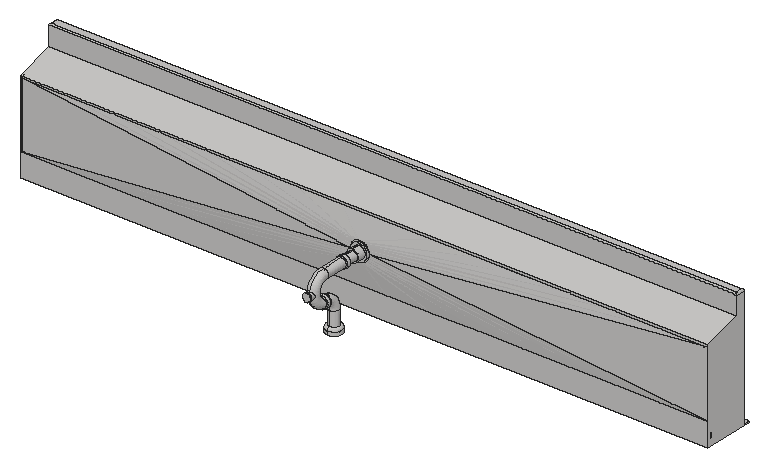
Revit family "SW390", category Plumbing Fixtures, host Face, Revit 2022
Family settings
  Host = Face
  Round Connector Dimension = Use Diameter
  Part Type = Normal
  OmniClass Number = 23.45.05.14.14
  OmniClass Title = Sinks/Lavatories
  Cut with Voids When Loaded = No
  Maintain Annotation Orientation = No
  Shared = Yes
  Room Calculation Point = No
Parameters (values of type "SW390-34")
  Width = 90"  # constant formula
  Waste Connection Diameter = 1 1/2"  # constant formula
  Waste Connection = yes
  WH-DECAL  10” Sticky Decal “Wash Your Hands” = no
  WFU = 2  # constant formula
  Vent Connection = no
  URL = "http://www.acorneng.com"
  SW000-SG   Splash Guard, (Multi-Station Units) = no
  SW000-PTC Daisy Strainer, Tailpiece, 1-1/2” P-Trap, Chrome = no
  SW000-PT   Daisy Strainer, Tailpiece, 1-1/2” P-Trap, Plastic = no
  SW000-F70 S/T Pushbutton Metering Faucet, Plate = no
  SW000-F60 S/T Sensor Operated Faucet, J Spout, Plate = no
  SW000-F51 H&C Wristblade Faucet, Spout = no
  SW000-F50 H&C Wristblade Faucet, Gooseneck Spout = no
  SW000-34 Front Support Legs, 34” Rim Height (Adult) = no
  SW000-30   Front Support Legs, 30” Rim Height (Junior) = no
  SW000-24   Front Support Legs, 24” Rim Height (Child) = no
  Installation Instruction Link = "https://www.acorneng.com/uploads/fileLibrary/9000-M00-003_SW000-INSTALL.pdf"
  IAPMO Compliance = "Uniform Plumbing Code (UPC ), ® National Plumbing Code of Canada (cUPC ) and ASME A112.19.3."  # constant formula
  Flow Rate = "0.5 GPM (1.9 LPM)"  # constant formula
  Faucet Hole Distance = 4"  # constant formula
  Product Page URL = "https://www.acorneng.com/single-eco-trough-sink"
  Product Documentation Link = "https://www.acorneng.com/uploads/fileLibrary/SW000.pdf"
  Optional 1-1/2” Tail piece & P-trap = yes
  Model = "SW390-34"
  Material = "Stainless_Steel-Acorn-Satin"
  Manufacturer = "Acorn Engineering"  # constant formula
  Length = 16"  # constant formula
  Installation Type = "Wall Mounted"  # constant formula
  Height = 6 1/2"  # constant formula
  HWFU = 1.5  # constant formula
  HW Connection = no
  Finish = Stainless_Steel-Acorn-Satin
  EG10 Enviro-Glaze Color (White) = no
  Description = "One-Station Wash-Ware Eco-Trough Stainless Steel Trough Sink"  # constant formula
  Default Elevation = 0"  # constant formula
  Deck Height = 34"
  Creation Date = "01/16/2024"  # constant formula
  CWFU = 1.5  # constant formula
  CW Connection = no
  Assembly Code = "D2010310"
  4LF4120-34   4 Leg Frame Assy 4 User, 120” Wide, 34” Rim = no
  4LF390-34   4 Leg Frame Assy 3 User, 90” Wide, 34” Rim = no
  4LF260-34   4 Leg Frame Assy 2 User, 60” Wide, 34” Rim = no
  4LF2102-34   4 Leg Frame Assy 2 User, 102” Wide, 34” Rim = no
  4LF130-34   4 Leg Frame Assy 1 User, 30” Wide, 34” Rim = no
Reference planes (in)
  plane 1 "Center (Front/Back)": y = 34
  plane 2: z = 0
  plane 3 "Center (Left/Right)": x = 0
  plane 4: y = 32.4375
  plane 5 "Floor": y = 0
  plane 6: z = 16
  plane 7: x = 45
  plane 8: x = -45
  plane 9: z = 7.5
  plane 10: z = 11.98828
  plane 11: z = 13.75
  plane 12: z = 1.5
  plane 13: z = 3
  plane 14: y = 23.25
  plane 15: x = -35
  plane 16: x = -43.75
  plane 17: x = 43.75
  plane 18: y = 34.38345
  plane 19: y = 28.6875
  plane 20: x = -43.125
  plane 21: z = 14.125
  plane 22: x = -43.80267
  plane 23: x = 43.80267
  plane 24: y = 4.5
  plane 25: x = 30
  plane 26: x = 0
  plane 27: x = -26.25
  plane 28: x = 44.4375
  plane 29: x = -30
  plane 30: x = 30
  plane 31: x = -15
  plane 32: x = -3.75
  plane 33: x = 35
  plane 34: x = 26.25
  plane 35: x = 15
  plane 36: x = 3.75
  plane 37: y = 27.5
  plane 38: y = 32.875
  plane 39: y = 5
Forms (in)
  Extrusion 1, solid, material "Stainless_Steel-Acorn-Satin" <- "Finish"
    sketch origin (0, 34, 0) x (1, 0, 0) y (0, 0, 1)
      loop
        line (44.75, 16) -> (-44.75, 16)
        arc (-44.75, 16) -> (-44.92678, 15.92678) -> (-45, 15.75) r 0.25
        line (-45, 15.75) -> (-45, 0) -> (45, 0) -> (45, 15.75)
        arc (45, 15.75) -> (44.92678, 15.92678) -> (44.75, 16) r 0.25
    from 0 to 5.8125
  Extrusion 2, solid
    sketch origin (0, 0, 0) x (1, 0, 0) y (0, 1, 0)
      loop
        circle (0, 23.25) r 0.75
    from 0 to -0.08503
  Extrusion 3, void
    sketch origin (0, 34, 0) x (1, 0, 0) y (0, 0, 1)
      loop
        line (44.83236, 13.05675) -> (-44.83236, 13.05675) -> (-44.83236, 3.06625) -> (44.83236, 3.06625) -> (44.83236, 13.05675)
    from 0 to 5.76065
  Extrusion 4, void
    sketch origin (0, 34, 0) x (1, 0, 0) y (0, 0, 1)
      loop
        circle (32, 1.5) r 0.65625
      loop
        circle (30, 1.5) r 0.65625
      loop
        circle (28, 1.5) r 0.65625
      loop
        circle (-32, 1.5) r 0.65625
      loop
        circle (-30, 1.5) r 0.65625
      loop
        circle (-28, 1.5) r 0.65625
      loop
        circle (2, 1.5) r 0.65625
      loop
        circle (0, 1.5) r 0.65625
      loop
        circle (-2, 1.5) r 0.65625
    from -0.8886 to 1.125
  Extrusion 5, solid, material "Stainless_Steel-Acorn-Satin" <- "Finish"
    sketch origin (0, 0, 0) x (1, 0, 0) y (0, 1, 0)
      loop
        line (-45, 34) -> (45, 34) -> (45, 34.5625)
        arc (45, 34.5625) -> (44.85355, 34.91605) -> (44.5, 35.0625) r 0.5
        line (44.5, 35.0625) -> (-44.5, 35.0625)
        arc (-44.5, 35.0625) -> (-44.85355, 34.91605) -> (-45, 34.5625) r 0.5
        line (-45, 34.5625) -> (-45, 34)
    from 0 to 0.06625
  Blend 6, solid, material "Stainless_Steel-Acorn-Satin" <- "Finish"
    base sketch origin (0, 34, 0) x (1, 0, 0) y (0, 0, 1)
      loop
        circle (0, 7.5) r 1.25
    top sketch origin (0, 34, 0) x (1, 0, 0) y (0, 0, 1)
      loop
        line (44.83236, 11.7199) -> (-44.83236, 11.7199) -> (-44.83236, 3.06625) -> (44.83236, 3.06625) -> (44.83236, 11.7199)
    from 6.5 to 5.8125
  Extrusion 7, void
    sketch origin (0, 34, 0) x (1, 0, 0) y (0, 0, 1)
      loop
        circle (0, 7.5) r 0.71875
    from 0 to 12
  Extrusion 8, void
    sketch origin (0, 0, 0) x (1, 0, 0) y (0, 1, 0)
      loop
        circle (-43.75, 34.38345) r 0.12572
      loop
        circle (-35, 34.38345) r 0.12572
      loop
        circle (35, 34.38345) r 0.12572
      loop
        circle (43.75, 34.38345) r 0.12572
      loop
        circle (44.4375, 28.6875) r 0.12572
      loop
        line (44.31178, 32.4375) -> (44.31178, 32.1133)
        arc (44.31178, 32.1133) -> (44.45829, 31.65336) -> (44.56322, 32.12453) r 0.25
        line (44.56322, 32.12453) -> (44.56322, 32.4375)
        arc (44.56322, 32.4375) -> (44.4375, 32.56322) -> (44.31178, 32.4375) r 0.12572
      loop
        circle (26.25, 34.38345) r 0.12572
      loop
        circle (-26.25, 34.38345) r 0.12572
      loop
        circle (-44.4375, 28.6875) r 0.12572
      loop
        arc (-44.31178, 32.4375) -> (-44.4375, 32.56322) -> (-44.56322, 32.4375) r 0.12572
        line (-44.56322, 32.4375) -> (-44.56322, 32.12453)
        arc (-44.56322, 32.12453) -> (-44.45829, 31.65336) -> (-44.31178, 32.1133) r 0.25
        line (-44.31178, 32.1133) -> (-44.31178, 32.4375)
      loop
        circle (-15, 34.38345) r 0.12572
      loop
        circle (-3.75, 34.38345) r 0.12572
      loop
        circle (15, 34.38345) r 0.12572
      loop
        circle (3.75, 34.38345) r 0.12572
    from 0 to 0.06625
  Extrusion 9, void
    sketch origin (0, 0, 0) x (0, 1, 0) y (0, 0, 1)
      loop
        line (32.875, 13.34771) -> (32.875, 15.84235)
        arc (32.875, 15.84235) -> (32.92117, 15.95383) -> (33.03265, 16) r 0.15765
        line (33.03265, 16) -> (33.19502, 16) -> (33.19502, 16.75491) -> (26.66993, 16.75491) -> (26.66993, 11.56843) -> (32.875, 13.34771)
    from -49.60611 to 48.93842
  Extrusion 10, solid, material "Stainless_Steel-Acorn-Satin" <- "Finish"
    sketch origin (0, 0, 0) x (0, 1, 0) y (0, 0, 1)
      loop
        line (28.1875, 12.00359) -> (28.1875, 11.83808) -> (32.4375, 13.05675) -> (32.4375, 13.22226) -> (28.1875, 12.00359)
    from -45 to 44.83236
  Extrusion 11, void
    sketch origin (0, 0, 0) x (0, 1, 0) y (0, 0, 1)
      loop
        line (32.4375, 0.86338) -> (32.4375, 1.61827)
        arc (32.4375, 1.61827) -> (32.3125, 1.74327) -> (32.1875, 1.61827) r 0.125
        line (32.1875, 1.61827) -> (32.1875, 0.86338)
        arc (32.1875, 0.86338) -> (32.3125, 0.73838) -> (32.4375, 0.86338) r 0.125
      loop
        line (28.6875, 0.86338) -> (28.6875, 1.61827)
        arc (28.6875, 1.61827) -> (28.5625, 1.74327) -> (28.4375, 1.61827) r 0.125
        line (28.4375, 1.61827) -> (28.4375, 0.86338)
        arc (28.4375, 0.86338) -> (28.5625, 0.73838) -> (28.6875, 0.86338) r 0.125
    from 44.80078 to 45.88419
  Extrusion 12, void
    sketch origin (0, 0, 0) x (0, 1, 0) y (0, 0, -1)
      loop
        arc (32.4375, -0.86338) -> (32.3125, -0.73838) -> (32.1875, -0.86338) r 0.125
        line (32.1875, -0.86338) -> (32.1875, -1.61827)
        arc (32.1875, -1.61827) -> (32.3125, -1.74327) -> (32.4375, -1.61827) r 0.125
        line (32.4375, -1.61827) -> (32.4375, -0.86338)
      loop
        arc (28.6875, -0.86338) -> (28.5625, -0.73838) -> (28.4375, -0.86338) r 0.125
        line (28.4375, -0.86338) -> (28.4375, -1.61827)
        arc (28.4375, -1.61827) -> (28.5625, -1.74327) -> (28.6875, -1.61827) r 0.125
        line (28.6875, -1.61827) -> (28.6875, -0.86338)
    from 44.56322 to 47.43678
  Sweep 13, solid, material "Stainless_Steel-Acorn-Satin" <- "Finish", visible <- "Optional 1-1/2” Tail piece & P-trap"
    path origin (-0.0077, 23.25, -4.5) x (0, 1, 0) y (0, 0, 1)
      loop
        line (0, 4.5) -> (0, 7.25)
        arc (0, 7.25) -> (-0.43934, 8.31066) -> (-1.5, 8.75) r 1.5
        line (-1.5, 8.75) -> (-1.75279, 8.75)
        arc (-1.75279, 8.75) -> (-3.37779, 10.375) -> (-1.75279, 12) r 1.625
        line (-1.75279, 12) -> (1.16329, 12)
    profile origin (-0.0077, 23.25, 1.375) x (0, -1, 0) y (1, 0, 0)
      loop
        circle (0, 0) r 0.625
  Revolve 14, solid, material "Stainless_Steel-Acorn-Satin" <- "Finish", visible <- "Optional 1-1/2” Tail piece & P-trap"
    sketch origin (-0.0077, 23.25, -0.69501) x (0, 1, 0) y (0, 0, 1)
      loop
        line (0, 0.69501) -> (0, 1.5) -> (-0.625, 1.5)
        arc (-0.625, 1.5) -> (-0.89017, 1.39017) -> (-1, 1.125) r 0.375
        line (-1, 1.125) -> (-1, 0.69501) -> (0, 0.69501)
      axis (0, 0.69501) -> (0, 1.5)
    angle from 0 to 360
  Revolve 15, solid, material "Stainless_Steel-Acorn-Satin" <- "Finish", visible <- "Optional 1-1/2” Tail piece & P-trap"
    sketch origin (-0.0077, 25.16299, 2.75) x (0, 1, 0) y (0, 0, 1)
      loop
        line (-0.7497, 4.14062) -> (-0.7497, 4.06041) -> (-0.625, 4.06041)
        arc (-0.625, 4.06041) -> (-0.39209, 4.00577) -> (-0.15643, 4.04699) r 0.59687
        arc (-0.15643, 4.04699) -> (-0.1336, 4.06522) -> (-0.125, 4.09313) r 0.04959
        line (-0.125, 4.09313) -> (-0.125, 4.14062) -> (-0.7497, 4.14062)
      axis (-0.7497, 4.75) -> (-0.125, 4.75)
    angle from 0 to 360
  Extrusion 16, solid, material "Stainless_Steel-Acorn-Satin" <- "Finish", visible <- "Optional 1-1/2” Tail piece & P-trap"
    sketch origin (-0.7025, 19.14598, -2.5808) x (0, 0.000486, -1) y (-1, 0, 0)
      loop
        circle (-8.45564, -0.6948) r 0.5
    from -0.2416 to 0.44093
  Extrusion 17, solid, material "Stainless_Steel-Acorn-Satin" <- "Finish", visible <- "Optional 1-1/2” Tail piece & P-trap"
    sketch origin (1.90768, 18.76955, 17.63301) x (0, 0.000486, -1) y (-1, 0, 0)
      loop
        line (11.2583, 2.12248) -> (11.2583, 1.70827) -> (11.55119, 1.41538) -> (11.9654, 1.41538) -> (12.2583, 1.70827) -> (12.2583, 2.12248) -> (11.9654, 2.41538) -> (11.55119, 2.41538) -> (11.2583, 2.12248)
    from -0.02502 to 0.125
  Revolve 18, solid, material "Stainless_Steel-Acorn-Satin" <- "Finish", visible <- "Optional 1-1/2” Tail piece & P-trap"
    sketch origin (-0.0077, 21.8878, -0.49268) x (0, 1, 0) y (0, 0, 1)
      loop
        line (-0.7497, 4.23437) -> (-0.7497, 4.01353) -> (-0.625, 4.01353)
        arc (-0.625, 4.01353) -> (-0.4082, 3.94393) -> (-0.19141, 4.01353) r 0.37245
        line (-0.19141, 4.01353) -> (-0.06671, 4.01353) -> (-0.06671, 4.23437) -> (-0.7497, 4.23437)
      axis (-0.7497, 4.75) -> (-0.06671, 4.75)
    angle from 0 to 360
  Revolve 19, solid, material "Stainless_Steel-Acorn-Satin" <- "Finish", visible <- "Optional 1-1/2” Tail piece & P-trap"
    sketch origin (0, -0.21875, 0) x (0, 1, 0) y (0, 0, 1)
      loop
        line (25.03799, 8) -> (27.03799, 8) -> (27.03799, 8.18679) -> (27.72692, 8.18679) -> (27.72692, 8.61634) -> (27.5, 8.61634) -> (27.5, 8.27653) -> (26.5, 8.27653) -> (26.5, 8.09964) -> (25.03799, 8.09964) -> (25.03799, 8)
      axis (27.72692, 7.5) -> (25.03799, 7.5)
    angle from 0 to 360
  Blend 20, void
    base sketch origin (0.00622, 32.14257, -0.00483) x (1, 0, 0) y (0, 0, 1)
      loop
        circle (0, 7.5) r 1.25
    top sketch origin (0.00622, 32.14257, -0.00483) x (1, 0, 0) y (0, 0, 1)
      loop
        line (54.41141, 11.7199) -> (-54.42386, 11.7199) -> (-54.42386, 2.56625) -> (54.41141, 2.56625) -> (54.41141, 11.7199)
    from 4.53723 to 3.74874
  Extrusion 21, solid, material "Stainless_Steel-Acorn-Satin" <- "Finish"
    sketch origin (0, 0.01562, 0) x (0, 1, 0) y (0, 0, 1)
      loop
        line (28.1875, 11.92084) -> (28.1875, 2.17084) -> (28.54859, 2.17084) -> (28.54859, 11.92084) -> (28.1875, 11.92084)
    from -45 to -44.80078
  Extrusion 22, solid, material "Stainless_Steel-Acorn-Satin" <- "Finish"
    sketch origin (88.75894, 0.01562, 0) x (0, 1, 0) y (0, 0, -1)
      loop
        line (28.1875, -11.92084) -> (28.54859, -11.92084) -> (28.54859, -2.17084) -> (28.1875, -2.17084) -> (28.1875, -11.92084)
    from 43.92658 to 43.75894
Cuts and joins
  joined: Sweep 13, Revolve 14, Revolve 15, Extrusion 16, Revolve 18, Revolve 19
  Extrusion 3, Extrusion 4, Extrusion 9, Extrusion 11, Extrusion 12, Blend 20 cuts Extrusion 1
  Extrusion 8 cuts Extrusion 5
  Extrusion 3, Extrusion 7, Blend 20 cuts Blend 6
  Blend 20 cuts Extrusion 10
  joined: Extrusion 1, Extrusion 5, Blend 6, Extrusion 10, Extrusion 21, Extrusion 22
Lines and regions (in)
  Masking region 1
    outline origin (0, 34, 0) x (1, 0, 0) y (0, 0, 1)
      loop
        line (45, 16) -> (-45, 16) -> (-45, 0.06625) -> (45, 0.06625) -> (45, 16)
  symbolic lines
    curve 1: line (44.83236, 34, 13.05675) -> (-44.83236, 34, 13.05675)
    curve 2: line (44.83236, 34, 3.06625) -> (44.83236, 34, 13.05675)
    curve 3: line (-44.83236, 34, 3.06625) -> (44.83236, 34, 3.06625)
    curve 4: line (-44.83236, 34, 13.05675) -> (-44.83236, 34, 3.06625)
    curve 5: circle (0, 34, 7.5) r 0.71875 normal (0, -1, 0)
    curve 6: circle (28, 34, 1.5) r 0.65625 normal (0, -1, 0)
    curve 7: circle (30, 34, 1.5) r 0.65625 normal (0, -1, 0)
    curve 8: circle (32, 34, 1.5) r 0.65625 normal (0, -1, 0)
    curve 9: line (45, 34, 0.06625) -> (-45, 34, 0.06625)
    curve 10: line (44.00237, 34, 3.52804) -> (44.00237, 34, 10.88832)
    curve 11: line (-43.99993, 34, 10.88832) -> (-43.99993, 34, 3.52804)
    curve 12: circle (0, 34, 7.5) r 1.25 normal (0, 1, 0)
    curve 13: circle (-2, 34, 1.5) r 0.65625 normal (0, -1, 0)
    curve 14: circle (0, 34, 1.5) r 0.65625 normal (0, -1, 0)
    curve 15: circle (2, 34, 1.5) r 0.65625 normal (0, -1, 0)
    curve 16: circle (-28, 34, 1.5) r 0.65625 normal (0, -1, 0)
    curve 17: circle (-30, 34, 1.5) r 0.65625 normal (0, -1, 0)
    curve 18: circle (-32, 34, 1.5) r 0.65625 normal (0, -1, 0)
    curve 19: line (44.00237, 34, 10.88832) -> (-43.99993, 34, 10.88832)
    curve 20: line (1.25622, 34, 7.49517) -> (44.00237, 34, 10.88832)
    curve 21: line (1.25622, 34, 7.49517) -> (44.00237, 34, 3.52804)
    curve 22: line (-43.99993, 34, 3.52804) -> (44.00237, 34, 3.52804)
    curve 23: line (-1.24378, 34, 7.49517) -> (-43.99993, 34, 10.88832)
    curve 24: line (-43.99993, 34, 3.52804) -> (-1.24378, 34, 7.49517)
Dimensions and locks (in)
  plane 1 "Center (Front/Back)" to plane 4 = 1 9/16"  (x2)
  "Length": host face to plane 6
  "Width": plane 7 to plane 8
  equal spacing: plane 7, plane 3 "Center (Left/Right)", plane 8
  locked: plane 2 to plane 9 at 7.5
  plane 6 to plane 2 = 16"
  plane 1 "Center (Front/Back)" to plane 5 "Floor" = 34"
  locked: plane 2 to plane 12 at 1.5
  locked: plane 9 to plane 2 at 7.5
  plane 14 to plane 1 "Center (Front/Back)" = 10 3/4"
  "Deck Height": plane 5 "Floor" to plane 1 "Center (Front/Back)"
  plane 16 to plane 15 = 8 3/4"
  plane 8 to plane 16 = 1 1/4"
  locked: plane 17 to plane 7 at 1.25
  locked: plane 1 "Center (Front/Back)" to plane 18 at 0.38345
  locked: plane 4 to plane 1 "Center (Front/Back)" at 1.5625
  locked: plane 4 to plane 19 at 3.75
  plane 8 to plane 20 = 1 7/8"
  plane 6 to plane 21 = 1 7/8"
  plane 8 to plane 7 = 90"
  locked: plane 8 to plane 22 at 1.19733
  locked: plane 23 to plane 7 at 1.19733
  locked: plane 25 to plane 7 at 15
  plane 26 to plane 25 = 30"
  plane 15 to plane 27 = 8 3/4"
  locked: plane 3 "Center (Left/Right)" to plane 28 at 44.4375
  plane 29 to plane 26 = 30"
  plane 26 to plane 30 = 30"
  plane 27 to plane 31 to plane 32 = 11 1/4" locked, 11 1/4" locked
  locked: plane 32 to plane 26 at 3.75
  plane 17 to plane 33 = 8 3/4"
  plane 33 to plane 34 = 8 3/4"
  plane 34 to plane 35 to plane 36 = 11 1/4" locked, 11 1/4" locked
  locked: plane 36 to plane 3 "Center (Left/Right)" at 3.75
  plane 1 "Center (Front/Back)" to plane 37 = 6 1/2"
  plane 1 "Center (Front/Back)" to plane 38 = 1 1/8"
  locked: plane 5 "Floor" to plane 39 at 5
  locked: plane 5 "Floor" to plane 24 at 4.5
  plane 37 to plane 1 "Center (Front/Back)" = 6 1/2"
  radius of Extrusion 5 sketch curve = 1/2"  (x2)
  radius of Extrusion 8 sketch curve = 0.12572"
  radius of Extrusion 1 sketch curve = 1/4"
  aligned and locked: plane 2 to host face
  aligned and locked: level to host face
  aligned and locked: Extrusion 1 sketch curve to plane 6
  aligned and locked: Extrusion 1 sketch curve to plane 7
  aligned and locked: Extrusion 1 sketch curve to level
  aligned and locked: Extrusion 1 sketch curve to plane 8
  aligned and locked: plane 12 to Extrusion 4 sketch curve  (x3)
  aligned and locked: plane 7 to Extrusion 5 sketch curve
  aligned and locked: plane 18 to Extrusion 8 sketch curve
  aligned and locked: plane 16 to Extrusion 8 sketch curve
  aligned and locked: plane 17 to Extrusion 8 sketch curve
  aligned and locked: plane 15 to Extrusion 8 sketch curve
  aligned and locked: Revolve 19 sketch curve to plane 9
  aligned and locked: plane 25 to Extrusion 4 sketch curve
  aligned and locked: plane 28 to Extrusion 8 sketch curve  (x2)
  aligned and locked: plane 36 to Extrusion 8 sketch curve
  aligned and locked: plane 35 to Extrusion 8 sketch curve
  aligned and locked: plane 34 to Extrusion 8 sketch curve
  aligned and locked: plane 33 to Extrusion 8 sketch curve
  aligned and locked: plane 32 to Extrusion 8 sketch curve
  aligned and locked: plane 31 to Extrusion 8 sketch curve
  aligned and locked: plane 27 to Extrusion 8 sketch curve
  aligned and locked: Extrusion 5 to Extrusion 22
  aligned and locked: Extrusion 22 to curve 1
  aligned and locked: Extrusion 12 to Extrusion 8
Automatic sketch dimensions
  host sketch curve to host sketch curve = 96"
  host sketch curve to host sketch curve = 97"
  plane 6 to Extrusion 1 sketch curve = 1/4"
  Extrusion 2 sketch curve to plane 3 "Center (Left/Right)" = 0"
  Extrusion 2 sketch curve to plane 14 = 0"
  plane 8 to Extrusion 3 sketch curve = 0.16764"
  Extrusion 3 sketch curve to plane 13 = 0.06625"
  Extrusion 3 sketch curve to plane 7 = 0.16764"
  Extrusion 3 sketch curve to plane 11 = 0.69325"
  Extrusion 4 sketch curve to plane 12 = 0"  (x6)
  plane 29 to Extrusion 4 sketch curve = 0"
  Extrusion 4 sketch curve to plane 3 "Center (Left/Right)" = 0"
  plane 29 to Extrusion 4 sketch curve = 2"
  Extrusion 4 sketch curve to plane 27 = 1 3/4"
  Extrusion 4 sketch curve to plane 32 = 1 3/4"
  Extrusion 4 sketch curve to plane 36 = 1 3/4"
  Extrusion 4 sketch curve to plane 34 = 1 3/4"
  Extrusion 4 sketch curve to plane 25 = 2"
  Extrusion 5 sketch curve to plane 8 = 0"
  plane 1 "Center (Front/Back)" to Extrusion 5 sketch curve = 0"
  plane 18 to Extrusion 5 sketch curve = 0.17905"
  Blend 6 sketch curve to plane 3 "Center (Left/Right)" = 0"
  Blend 6 sketch curve to plane 9 = 0"
  plane 8 to Blend 6 sketch curve = 0.16764"
  Blend 6 sketch curve to plane 13 = 0.06625"
  Blend 6 sketch curve to plane 7 = 0.16764"
  Blend 6 sketch curve to plane 10 = 0.26838"
  Extrusion 7 sketch curve to plane 3 "Center (Left/Right)" = 0"
  Extrusion 7 sketch curve to plane 9 = 0"
  Extrusion 8 sketch curve to plane 4 = 0"  (x2)
  Extrusion 8 sketch curve to plane 19 = 0"
  plane 19 to Extrusion 8 sketch curve = 0"
  plane 18 to Extrusion 8 sketch curve = 0"  (x3)
  Extrusion 8 sketch curve to plane 18 = 0"  (x6)
  Extrusion 8 sketch curve to plane 22 = 0.50911"
  Extrusion 8 sketch curve to Extrusion 8 sketch curve = 0.12572"
  plane 8 to Extrusion 8 sketch curve = 9/16"
  Extrusion 8 sketch curve to Extrusion 8 sketch curve = 0.11608"
  Extrusion 8 sketch curve to plane 28 = 0.12572"
  plane 28 to Extrusion 8 sketch curve = 0.00964"
  Extrusion 8 sketch curve to plane 4 = 0.53438"  (x2)
  Extrusion 8 sketch curve to Extrusion 8 sketch curve = 0.21018"  (x2)
  Masking region 1 sketch curve to plane 6 = 0"
  Masking region 1 sketch curve to plane 8 = 0"
  Masking region 1 sketch curve to plane 7 = 0"
  level to Masking region 1 sketch curve = 0.06625"
  plane 4 to Extrusion 9 sketch curve = 7/16"
  plane 6 to Extrusion 9 sketch curve = 0"
  plane 37 to Extrusion 9 sketch curve = 0.83007"
  Extrusion 9 sketch curve to Extrusion 9 sketch curve = 0.15765"
  Extrusion 9 sketch curve to Extrusion 9 sketch curve = 0.16237"
  Extrusion 9 sketch curve to plane 11 = 0.40229"
  Extrusion 9 sketch curve to plane 10 = 0.41985"
  Extrusion 9 sketch curve to plane 6 = 0.75491"
  Extrusion 10 sketch curve to plane 4 = 0"
  plane 10 to Extrusion 10 sketch curve = 0.01531"
  Extrusion 10 sketch curve to plane 19 = 1/2"
  Extrusion 10 sketch curve to plane 10 = 0.1502"
  Extrusion 10 sketch curve to plane 11 = 0.69325"
  Extrusion 10 sketch curve to Extrusion 10 sketch curve = 0.1655"
  Extrusion 11 sketch curve to plane 19 = 0"
  Extrusion 11 sketch curve to plane 4 = 0"
  Extrusion 11 sketch curve to Extrusion 11 sketch curve = 1/8"
  Extrusion 11 sketch curve to Extrusion 11 sketch curve = 1/4"
  Extrusion 11 sketch curve to plane 12 = 0.63662"  (x2)
  plane 12 to Extrusion 11 sketch curve = 0.11827"  (x2)
  Extrusion 12 sketch curve to plane 19 = 0"
  Extrusion 12 sketch curve to plane 4 = 0"
  Extrusion 12 sketch curve to Extrusion 12 sketch curve = 1/8"
  Extrusion 12 sketch curve to Extrusion 12 sketch curve = 1/4"
  plane 12 to Extrusion 12 sketch curve = 0.11827"  (x2)
  Extrusion 12 sketch curve to plane 12 = 0.63662"  (x2)
  plane 9 to Sweep 13 sketch curve = 0"
  Sweep 13 sketch curve to plane 14 = 0"
  Sweep 13 sketch curve to level = 0"
  Sweep 13 sketch curve to plane 13 = 1 1/4"
  Sweep 13 sketch curve to plane 14 = 1 1/2"
  Sweep 13 sketch curve to Sweep 13 sketch curve = 0.25279"
  plane 14 to Sweep 13 sketch curve = 1.16329"
  Sweep 13 sketch curve to profile plane = 0"  (x2)
  Revolve 14 sketch curve to level = 0"
  Revolve 14 sketch curve to plane 14 = 0"  (x2)
  Revolve 14 sketch curve to plane 14 = 5/8"
  Revolve 14 sketch curve to Revolve 14 sketch curve = 3/8"
  level to Revolve 14 sketch curve = 0.42999"
  Revolve 14 sketch curve to Revolve 14 sketch curve = 0.12966"
  Revolve 14 sketch curve to plane 12 = 0.25999"
  plane 9 to Revolve 15 sketch curve = 0"
  plane 9 to Revolve 15 sketch curve = 0.68959"
  plane 14 to Revolve 15 sketch curve = 1.16329"
  Revolve 15 sketch curve to Revolve 15 sketch curve = 0.1247"
  plane 9 to Revolve 15 sketch curve = 0.1476"
  Revolve 15 sketch curve to Revolve 15 sketch curve = 0.3747"
  Revolve 15 sketch curve to Revolve 15 sketch curve = 0.45041"
  Revolve 15 sketch curve to Revolve 15 sketch curve = 0.04959"
  Revolve 15 sketch curve to Revolve 15 sketch curve = 0.03272"
  Revolve 15 sketch curve to Revolve 15 sketch curve = 0.04749"
  plane 14 to Revolve 15 sketch curve = 0.671"
  Revolve 15 sketch curve to Revolve 15 sketch curve = 0.0942"
  Extrusion 16 sketch curve to plane 3 "Center (Left/Right)" = 0.0077"
  Extrusion 17 sketch curve to plane 3 "Center (Left/Right)" = 0.21481"  (x2)
  Extrusion 17 sketch curve to Extrusion 17 sketch curve = 0.29289"  (x4)
  plane 3 "Center (Left/Right)" to Extrusion 17 sketch curve = 0.4923"
  Extrusion 17 sketch curve to Extrusion 17 sketch curve = 0.41421"  (x2)
  plane 3 "Center (Left/Right)" to Extrusion 17 sketch curve = 0.19941"  (x2)
  Revolve 18 sketch curve to plane 13 = 0.52085"
  Revolve 18 sketch curve to plane 14 = 2.11189"
  Revolve 18 sketch curve to Revolve 18 sketch curve = 0.1247"  (x2)
  Revolve 18 sketch curve to Revolve 18 sketch curve = 0.34149"
  Revolve 18 sketch curve to Revolve 18 sketch curve = 0.2168"
  Revolve 18 sketch curve to Revolve 18 sketch curve = 0.22084"
  Revolve 18 sketch curve to Revolve 18 sketch curve = 0.08201"
  Revolve 18 sketch curve to Revolve 18 sketch curve = 0.49229"
  Revolve 18 sketch curve to Revolve 18 sketch curve = 0.0942"
  Revolve 18 sketch curve to Revolve 18 sketch curve = 33/64"
  Revolve 19 sketch curve to plane 9 = 1/2"
  plane 14 to Revolve 19 sketch curve = 1.56924"
  plane 37 to Revolve 19 sketch curve = 1 7/32"
  Revolve 19 sketch curve to Revolve 19 sketch curve = 0.53799"
  plane 37 to Revolve 19 sketch curve = 7/32"
  Revolve 19 sketch curve to plane 37 = 0.00817"
  Revolve 19 sketch curve to Revolve 19 sketch curve = 0.09964"
  Revolve 19 sketch curve to plane 9 = 0.68679"
  Revolve 19 sketch curve to Revolve 19 sketch curve = 0.08973"
  Revolve 19 sketch curve to Revolve 19 sketch curve = 0.33981"
  Revolve 19 sketch curve to Revolve 19 sketch curve = 1/4"
  plane 14 to Revolve 19 sketch curve = 0.56924"
  plane 3 "Center (Left/Right)" to Blend 20 sketch curve = 0.00622"
  plane 9 to Blend 20 sketch curve = 0.00483"
  Blend 20 sketch curve to plane 10 = 0.2732"
  Blend 20 sketch curve to plane 8 = 9.41764"
  plane 13 to Blend 20 sketch curve = 0.43857"
  plane 7 to Blend 20 sketch curve = 9.41764"
  Extrusion 21 sketch curve to plane 19 = 31/64"
  Extrusion 21 sketch curve to plane 19 = 0.12329"
  plane 12 to Extrusion 21 sketch curve = 0.67084"
  Extrusion 21 sketch curve to plane 10 = 0.06744"
  Extrusion 22 sketch curve to plane 19 = 31/64"
  Extrusion 22 sketch curve to plane 19 = 0.12329"
  Extrusion 22 sketch curve to plane 10 = 0.06744"
  plane 12 to Extrusion 22 sketch curve = 0.67084"
  curve 5 to curve 12 = 0"  (x2)
  curve 9 to plane 8 = 0"
  curve 18 to plane 12 = 0"
  curve 17 to plane 12 = 0"
  curve 16 to plane 12 = 0"
  curve 13 to plane 12 = 0"
  curve 12 to plane 3 "Center (Left/Right)" = 0"
  curve 14 to plane 3 "Center (Left/Right)" = 0"
  curve 15 to plane 12 = 0"
  curve 6 to plane 12 = 0"
  curve 7 to plane 12 = 0"
  plane 25 to curve 7 = 0"
  curve 8 to plane 12 = 0"
  curve 9 to plane 7 = 0"
  curve 14 to plane 12 = 0"
  curve 5 to plane 9 = 0"
  plane 8 to curve 1 = 0.16764"
  curve 24 to plane 22 = 0.19726"
  plane 15 to curve 18 = 3"
  curve 18 to curve 17 = 2"
  curve 16 to plane 27 = 1 3/4"
  curve 13 to plane 32 = 1 3/4"
  plane 9 to curve 23 = 0.00483"
  curve 23 to plane 3 "Center (Left/Right)" = 1.24378"
  plane 9 to curve 21 = 0.00483"
  plane 3 "Center (Left/Right)" to curve 21 = 1.25622"
  curve 15 to plane 36 = 1 3/4"
  curve 6 to plane 34 = 1 3/4"
  curve 8 to plane 25 = 2"
  curve 22 to plane 23 = 0.1997"
  curve 3 to plane 13 = 0.06625"
  curve 22 to plane 13 = 0.52804"
  curve 20 to plane 10 = 1.09996"
  curve 2 to plane 11 = 0.69325"
  level to curve 9 = 0.06625"
  radius of Extrusion 2 sketch curve = 3/4"
  radius of Extrusion 4 sketch curve = 21/32"  (x9)
  radius of Blend 6 sketch curve = 1 1/4"
  radius of Extrusion 7 sketch curve = 23/32"
  radius of Extrusion 8 sketch curve = 0.12572"  (x11)
  radius of Sweep 13 sketch curve = 5/8"
  radius of Extrusion 16 sketch curve = 1/2"
  radius of Blend 20 sketch curve = 1 1/4"
  radius of curve 5 = 23/32"
  radius of curve 6 = 21/32"
  radius of curve 7 = 21/32"
  radius of curve 8 = 21/32"
  radius of curve 12 = 1 1/4"
  radius of curve 13 = 21/32"
  radius of curve 14 = 21/32"
  radius of curve 15 = 21/32"
  radius of curve 16 = 21/32"
  radius of curve 17 = 21/32"
  radius of curve 18 = 21/32"
Connectors (in)
  piping at (0, 23.25, 0), diameter 1.5, driven by "Waste Connection Diameter", driven by "WFU"
    settings: on Extrusion 2, index 1, connector inside diameter 24", connector length 0", flow factor 0, pipe flow 0 GPM, pressure drop 0.00 psi, fitting loss kfactor 0, connector angle 0.00°, fixture units 2, engagement length 0", angle of deflection 0.00°, flow configuration 3, flow direction 2, fitting loss method 0, system type 16, joint type 0, gender type 0, connector reference index -1, connector utility 0, adjustable connector no, is connector primary yes, connector description "1 1/2\" Waste Outlet Connection"
